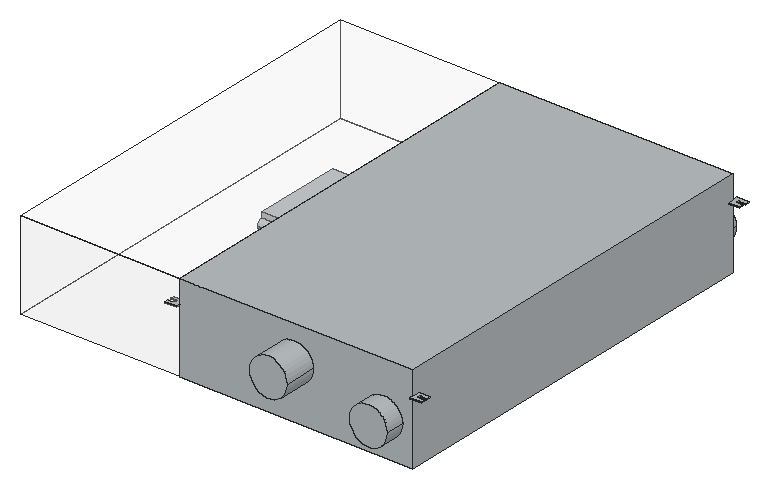
Revit family "lgh-n35_100rdf4(-dm)_50Hz", category 機械設備, Revit 2019
Family settings
  丸型コネクタ寸法 = 直径を使用
  パーツ タイプ = 標準
  OmniClass 番号 = 23.75.10.34.21
  OmniClass タイトル = Heat Exchangers for Ventilation Air
  作業面ベース = いいえ
  常に垂直 = はい
  ロード時にボイドで切り取り = いいえ
  共有 = いいえ
  部屋計算ポイント = はい
Parameters (values of type "LGH-N35RDF4-DM")
  騒音レベル(dB(A)) = 37
  風量 = MAX風量  # 350.0 m³/h
  面風速 = 5.5 m/s
  電源種別 [instance] = ""
  電圧 = 200 V
  電動機出力 = 0 W
  集中コントローラ = ""
  運転質量 = 0.00 kg
  連動 [instance] = ""
  質量 = if(製品質量 > 運転質量, 製品質量, 運転質量) * 1.2  # 73.20 kg
  負荷分類 = 3_ファン類
  説明 = "業務用ロスナイ 外気処理ユニット(天井埋込形加熱加湿付直膨タイプ)"
  設計風量 = 0.0 m³/h
  設置方法 = "天井吊(隠ぺい)形"
  記号 [instance] = ""
  製造元 = "三菱電機株式会社"
  製品質量 = 61.00 kg
  製品出荷対象 = "国内"
  製品リリース年月 = "2023/3/14"
  製品グループ = ""
  給水管_W = 446 mm
  給水管_H = 123 mm
  給水管_Depth = 29 mm
  系統 [instance] = ""
  符号 = "HEU"
  積算_科目 = "1 空気調和設備"
  積算_拾い区分 [instance] = ""
  相 = 1
  盤記号 [instance] = ""
  発停方法 [instance] = ""
  特殊仕様 [instance] = ""
  点検口高さ = -Height  # -331 mm
  点検口離隔 = 150 mm
  点検口2_Width = 点検口2_Depth  # 450 mm
  点検口1_Width = 点検口1_Depth  # 450 mm
  点検口2_Depth = 450 mm
  点検口1_Depth = 450 mm
  点検口1_Center = 444 mm
  点検口 = yes
  火災停止 [instance] = ""
  温度交換効率 = 70.50%
  消費電力_加湿器 = 0 W
  消費電力 = 235 W
  法定耐用年数 = "15"
  機外静圧_排気 = 235.0 Pa
  機外静圧 = 235.0 Pa
  極数 = 3
  材質 [instance] = ""
  本体マテリアル = 溶融亜鉛めっき鋼板
  有効加湿量 = 2.4
  操作・制御方式 = ""
  操作・制御スイッチ = ""
  排気量 = 0.0 m³/h
  形式_加湿器 = ""
  形式 = "天井埋込ダクト形"
  幹線記号 [instance] = ""
  対象室 [instance] = ""
  実風量 = 0.0 m³/h
  始動方式 [instance] = "直入"
  天吊金具_径 = 6.5 mm
  天吊金具_幅2 = 20 mm
  天吊金具_幅 = 20 mm
  天吊金具_D = 4 mm
  天吊金具_80_100 = not(天吊金具_35_50)  # no
  天吊金具_35_50 = yes
  外気量 = 0.0 m³/h
  呼称 = "全熱交換ユニット"
  周波数 = 50 Hz
  吊りボルトピッチ2 = 1493 mm
  吊りボルトピッチ1 = 922 mm
  吊りボルト_高さ = 85 mm
  参照している仕様書等のバージョン = "公共建築物標準仕様書（機械設備工事編）平成31年度版"
  加湿給水管径 = 23 mm
  初期抵抗 = 0.0 Pa
  分類コード = "50052504100070"
  分類グループ = ""
  冷媒液管径 = 6.35 mm
  冷媒液管_H = 114 mm
  冷媒液管_Depth = 105 mm
  冷媒ガス管径 = 12.7 mm
  冷媒ガス管_H = 169 mm
  価格 = 0
  企業コード = "108420"
  付属品_フィルター_還気 = ""
  付属品_フィルター = ""
  付属品 [instance] = ""
  仕様書バージョン = "Version1.0"
  モデル = "LGH-N35RDF4-DM"
  メンテナンススペース = yes
  ドレン管径 = 32 mm
  ドレン管_W = 460 mm
  ドレン管_H = 292 mm
  ドレン管_Depth = 64 mm
  コメント [instance] = ""
  Keynote = ""
  冷媒ガス管_Depth = 110 mm
  エンタルピ交換効率_暖房 = 70.00%
  エンタルピ交換効率_冷房 = 60.00%
  Assembly Code = ""
  Width = 874 mm
  Version = ""
  Uniclass2015Version = "Systems v1.9"
  Uniclass2015Title = "Thermal wheels"
  Uniclass2015Code = "Pr_60_60_36_88"
  URL = "https://www.mitsubishielectric.co.jp/ldg/wink/qr/002/324135/"
  SpecificationReference = ""
  SpecificationDescription = ""
  SAサイズ_D = 142 mm
  Revision = ""
  冷媒液管_W = 358 mm
  冷媒ガス管_W = 306 mm
  RAサイズ_D = 142 mm
  ProductInformation = ""
  OmniClassCode = "23-27 23 19 11"
  OAダクト接続口方向_通常 = yes
  OAダクト接続口方向_変更 = not(OAダクト接続口方向_通常)  # no
  OAサイズ_D = 142 mm
  MIN風量 = 154.0 m³/h
  MIN静圧 = 45.0 Pa
  MID風量 = 252.0 m³/h
  MID静圧 = 122.0 Pa
  MAX風量 = 350.0 m³/h
  MAX静圧 = 235.0 Pa
  IfcTypeProduct = ""
  IfcProduct = ""
  IfcExportType = "ROTARYWHEEL"
  IfcExportAs = "IfcAirToAirHeatRecoveryType"
  Height = 331 mm
  EAダクト接続口方向_通常 = yes
  EAダクト接続口方向_変更 = not(EAダクト接続口方向_通常)  # no
  EAサイズ_D = 142 mm
  Duct_Width_SA = 428 mm
  Duct_Pitch_SA_RA = 335 mm
  Duct_Pitch_OA_EA = 650 mm
  Duct_Height_SA = 203 mm
  Duct_Height_RA = 136 mm
  Duct_Height = 111 mm
  Duct_Depth_SA = 120 mm
  Duct_Depth_RA = 70 mm
  Duct_Depth_OA_EA = 64 mm
  Duct_Change_Center = 124 mm
  Depth = 1501 mm
  Clearance Top = 0 mm
  Clearance Left = 600 mm
  Clearance Bottom = 0 mm
  Box_Depth = 116 mm
  Box_Height = 260 mm
  Box_H = 23 mm
  Box_Width = 334 mm
  Box_W = 528 mm
  Author = "三菱電機株式会社"
Types (7, lengths in mm): name | 騒音レベル(dB(A)) | 風量 | 面風速 | 質量 | 製品質量 | 給水管_W | 給水管_H | 点検口高さ | 点検口2_Width | 点検口1_Width | 点検口2_Depth | 点検口1_Depth | 点検口1_Center | 温度交換効率 | 消費電力 | 機外静圧_排気 | 機外静圧 | 有効加湿量 | 天吊金具_径 | 天吊金具_幅2 | 天吊金具_幅 | 天吊金具_D | 天吊金具_80_100 | 天吊金具_35_50 | 吊りボルトピッチ2 | 吊りボルトピッチ1 | 吊りボルト_高さ | 冷媒液管径 | 冷媒液管_H | 冷媒液管_Depth | 冷媒ガス管径 | 冷媒ガス管_H | モデル | ドレン管_W | ドレン管_H | ドレン管_Depth | 冷媒ガス管_Depth | エンタルピ交換効率_暖房 | エンタルピ交換効率_冷房 | Width | URL | SAサイズ_D | 冷媒液管_W | 冷媒ガス管_W | RAサイズ_D | OAサイズ_D | MIN風量 | MIN静圧 | MID風量 | MID静圧 | MAX風量 | MAX静圧 | Height | EAサイズ_D | Duct_Width_SA | Duct_Pitch_SA_RA | Duct_Pitch_OA_EA | Duct_Height_SA | Duct_Height_RA | Duct_Height | Duct_Depth_SA | Duct_Depth_RA | Duct_Depth_OA_EA | Duct_Change_Center | Depth | Clearance Left | Box_H | Box_W
  LGH-N35RDF4-DM | 37 | 350.0 m³/h | 5.5 m/s | 73.20 kg | 61.00 kg | 446 | 123 | -331 | 450 | 450 | 450 | 450 | 444 | 70.50% | 235 W | 235.0 Pa | 235.0 Pa | 2.4 | 6.5 | 20 | 20 | 4 | no | yes | 1493 | 922 | 85 | 6.35 | 114 | 105 | 12.7 | 169 | "LGH-N35RDF4-DM" | 460 | 292 | 64 | 110 | 70.00% | 60.00% | 874 | "https://www.mitsubishielectric.co.jp/ldg/wink/qr/002/324135/" | 142 | 358 | 306 | 142 | 142 | 154.0 m³/h | 45.0 Pa | 252.0 m³/h | 122.0 Pa | 350.0 m³/h | 235.0 Pa | 331 | 142 | 428 | 335 | 650 | 203 | 136 | 111 | 120 | 70 | 64 | 124 | 1501 | 600 | 23 | 528
  LGH-N50RDF4 | 37.5 | 500.0 m³/h | 4.4 m/s | 76.80 kg | 64.00 kg | 446 | 123 | -331 | 450 | 450 | 450 | 450 | 444 | 74.00% | 300 W | 250.0 Pa | 250.0 Pa | 3.2 | 6.5 | 20 | 20 | 4 | no | yes | 1493 | 1064 | 85 | 6.35 | 114 | 105 | 12.7 | 169 | "LGH-N50RDF4" | 436 | 30 | 29 | 110 | 73.00% | 64.50% | 1016 | "https://www.mitsubishielectric.co.jp/ldg/wink/qr/002/324137/" | 192 | 358 | 306 | 192 | 192 | 220.0 m³/h | 48.0 Pa | 360.0 m³/h | 130.0 Pa | 500.0 m³/h | 250.0 Pa | 331 | 192 | 428 | 446 | 745 | 203 | 136 | 136 | 85 | 85 | 79 | 124 | 1501 | 600 | 23 | 528
  LGH-N50RDF4-DM | 37.5 | 500.0 m³/h | 4.4 m/s | 76.80 kg | 64.00 kg | 446 | 123 | -331 | 450 | 450 | 450 | 450 | 444 | 74.00% | 300 W | 250.0 Pa | 250.0 Pa | 3.2 | 6.5 | 20 | 20 | 4 | no | yes | 1493 | 1064 | 85 | 6.35 | 114 | 105 | 12.7 | 169 | "LGH-N50RDF4-DM" | 460 | 292 | 64 | 110 | 73.00% | 64.50% | 1016 | "https://www.mitsubishielectric.co.jp/ldg/wink/qr/002/324146/" | 192 | 358 | 306 | 192 | 192 | 220.0 m³/h | 48.0 Pa | 360.0 m³/h | 130.0 Pa | 500.0 m³/h | 250.0 Pa | 331 | 192 | 428 | 446 | 745 | 203 | 136 | 136 | 85 | 85 | 79 | 124 | 1501 | 600 | 23 | 528
  LGH-N80RDF4 | 37 | 800.0 m³/h | 4.5 m/s | 116.40 kg | 97.00 kg | 445 | 146 | -404 | 600 | 600 | 600 | 600 | 572 | 75.00% | 465 W | 240.0 Pa | 240.0 Pa | 4.8 | 7.5 | 30 | 16 | 45.2 | yes | no | 1418 | 1271 | 401 | 6.35 | 138 | 105 | 12.7 | 193 | "LGH-N80RDF4" | 421 | 29 | 29 | 110 | 72.50% | 63.50% | 1231 | "https://www.mitsubishielectric.co.jp/ldg/wink/qr/002/324141/" | 242 | 357 | 305 | 242 | 242 | 352.0 m³/h | 46.0 Pa | 576.0 m³/h | 124.0 Pa | 800.0 m³/h | 240.0 Pa | 404 | 242 | 323 | 735 | 917 | 241 | 199 | 162 | 85 | 85 | 79 | 165 | 1765 | 800 | 83 | 557
  LGH-N80RDF4-DM | 37 | 800.0 m³/h | 4.5 m/s | 116.40 kg | 97.00 kg | 445 | 146 | -404 | 600 | 600 | 600 | 600 | 572 | 75.00% | 465 W | 240.0 Pa | 240.0 Pa | 4.8 | 7.5 | 30 | 16 | 45.2 | yes | no | 1418 | 1271 | 401 | 6.35 | 138 | 105 | 12.7 | 193 | "LGH-N80RDF4-DM" | 459 | 292 | 64 | 110 | 72.50% | 63.50% | 1231 | "https://www.mitsubishielectric.co.jp/ldg/wink/qr/002/324143/" | 242 | 357 | 305 | 242 | 242 | 352.0 m³/h | 46.0 Pa | 576.0 m³/h | 124.0 Pa | 800.0 m³/h | 240.0 Pa | 404 | 242 | 323 | 735 | 917 | 241 | 199 | 162 | 85 | 85 | 79 | 165 | 1765 | 800 | 83 | 557
  LGH-N100RDF4 | 39.5 | 1000.0 m³/h | 5.7 m/s | 117.60 kg | 98.00 kg | 445 | 146 | -404 | 600 | 600 | 600 | 600 | 572 | 71.00% | 655 W | 235.0 Pa | 235.0 Pa | 6.4 | 7.5 | 30 | 16 | 45.2 | yes | no | 1418 | 1271 | 401 | 9.52 | 138 | 110 | 15.88 | 193 | "LGH-N100RDF4" | 421 | 29 | 29 | 115 | 71.00% | 62.50% | 1231 | "https://www.mitsubishielectric.co.jp/ldg/wink/qr/002/324145/" | 242 | 357 | 305 | 242 | 242 | 440.0 m³/h | 45.0 Pa | 720.0 m³/h | 122.0 Pa | 1000.0 m³/h | 235.0 Pa | 404 | 242 | 323 | 735 | 917 | 241 | 199 | 162 | 85 | 85 | 79 | 165 | 1765 | 800 | 83 | 557
  LGH-N100RDF4-DM | 39.5 | 1000.0 m³/h | 5.7 m/s | 117.60 kg | 98.00 kg | 445 | 146 | -404 | 600 | 600 | 600 | 600 | 572 | 71.00% | 655 W | 235.0 Pa | 235.0 Pa | 6.4 | 7.5 | 30 | 16 | 45.2 | yes | no | 1418 | 1271 | 401 | 9.52 | 138 | 110 | 15.88 | 193 | "LGH-N100RDF4-DM" | 459 | 292 | 64 | 115 | 71.00% | 62.50% | 1231 | "https://www.mitsubishielectric.co.jp/ldg/wink/qr/002/324133/" | 242 | 357 | 305 | 242 | 242 | 440.0 m³/h | 45.0 Pa | 720.0 m³/h | 122.0 Pa | 1000.0 m³/h | 235.0 Pa | 404 | 242 | 323 | 735 | 917 | 241 | 199 | 162 | 85 | 85 | 79 | 165 | 1765 | 800 | 83 | 557
Reference planes
  plane 1 "中心(正面/背面)": y = 0
  plane 2: z = 0
  plane 3 "中心(左/右)": x = 0
  plane 4: x = -437
  plane 5: x = 437
  plane 6: y = 750.5
  plane 7: y = -750.5
  plane 8: z = -331
  plane 9: z = -220
  plane 10: z = -128
  plane 11: x = 326
  plane 12: x = -9
  plane 13: y = -870.5
  plane 14: y = 814.5
  plane 15: x = -325
  plane 16: x = 325
  plane 17: y = -222.5
  plane 18: z = -48
  plane 19: y = 111.5
  plane 20: z = -308
  plane 21: x = -553
  plane 22: y = -444.5
  plane 23: y = -392.5
  plane 24: y = -290.5
  plane 25: y = -304.5
  plane 26: z = -162
  plane 27: z = -217
  plane 28: z = -39
  plane 29: z = -208
  plane 30: x = -547
  plane 31: x = -466
  plane 32: x = -501
  plane 33: x = -542
  plane 34: y = 626.5
  plane 35: x = -557
  plane 36: x = 557
  plane 37: x = -1037
  plane 38: z = 0
  plane 39: y = -300.5
  plane 40: x = -587
  plane 41: y = 531.5
  plane 42: x = -461
  plane 43: x = 461
  plane 44: y = -746.5
  plane 45: y = 746.5
  plane 46: y = 306.5
  plane 47: y = 81.5
  plane 48: x = -481
  plane 49: x = 481
  plane 50: y = 726.5
  plane 51: y = 766.5
  plane 52: z = -85
  plane 53: z = -88
  plane 54: y = -726.5
  plane 55: y = -766.5
  plane 56: z = -331
  plane 57: z = -195
  plane 58: y = -820.5
  plane 59: y = -710.5
  plane 60: y = -782.5
  plane 61: y = 710.5
  plane 62: y = 782.5
Forms (mm)
  Extrusion 1, solid, material "溶融亜鉛めっき鋼板" <- "本体マテリアル", detail levels fine
    sketch origin (0, 0, 0) x (1, 0, 0) y (0, 1, 0)
      loop
        line (-437, 750.5) -> (-437, -750.5) -> (437, -750.5) -> (437, 750.5) -> (-437, 750.5)
    from 0 to -331
  Extrusion 2, solid, material "溶融亜鉛めっき鋼板" <- "本体マテリアル", detail levels fine
    sketch origin (0, 0, 0) x (1, 0, 0) y (0, 0, 1)
      loop
        circle (-9, -128) r 71
    from 750.5 to 870.5
  Extrusion 3, solid, material "溶融亜鉛めっき鋼板" <- "本体マテリアル", visible <- "OAダクト接続口方向_通常", detail levels fine
    sketch origin (0, 0, 0) x (1, 0, 0) y (0, 0, 1)
      loop
        circle (-325, -220) r 71
    from -814.5 to -750.5
  Extrusion 4, solid, material "溶融亜鉛めっき鋼板" <- "本体マテリアル", visible <- "EAダクト接続口方向_通常", detail levels fine
    sketch origin (0, 0, 0) x (1, 0, 0) y (0, 0, 1)
      loop
        circle (325, -220) r 71
    from -814.5 to -750.5
  Extrusion 5, solid, material "溶融亜鉛めっき鋼板" <- "本体マテリアル", detail levels fine
    sketch origin (0, 0, 0) x (0, 1, 0) y (0, 0, 1)
      loop
        line (-222.5, -48) -> (-222.5, -308) -> (111.5, -308) -> (111.5, -48) -> (-222.5, -48)
    from -553 to -437
  Extrusion 6, solid, material "溶融亜鉛めっき鋼板" <- "本体マテリアル", detail levels fine
    sketch origin (0, 0, 0) x (0, 1, 0) y (0, 0, 1)
      loop
        circle (-444.5, -162) r 6.35
    from -547 to -437
  Extrusion 7, solid, material "溶融亜鉛めっき鋼板" <- "本体マテリアル", detail levels fine
    sketch origin (0, 0, 0) x (0, 1, 0) y (0, 0, 1)
      loop
        circle (-392.5, -217) r 3.175
    from -542 to -437
  Extrusion 8, solid, material "溶融亜鉛めっき鋼板" <- "本体マテリアル", detail levels fine
    sketch origin (0, 0, 0) x (0, 1, 0) y (0, 0, 1)
      loop
        circle (-290.5, -39) r 16
    from -501 to -437
  Extrusion 9, solid, material "溶融亜鉛めっき鋼板" <- "本体マテリアル", detail levels fine
    sketch origin (0, 0, 0) x (0, 1, 0) y (0, 0, 1)
      loop
        circle (-304.5, -208) r 11.5
    from -466 to -437
  Extrusion 10, solid, material "溶融亜鉛めっき鋼板" <- "本体マテリアル", visible <- "OAダクト接続口方向_変更", detail levels fine
    sketch origin (0, 0, 0) x (0, 1, 0) y (0, 0, 1)
      loop
        circle (626.5, -220) r 71
    from -557 to -437
  Extrusion 11, solid, material "溶融亜鉛めっき鋼板" <- "本体マテリアル", visible <- "EAダクト接続口方向_変更", detail levels fine
    sketch origin (0, 0, 0) x (0, 1, 0) y (0, 0, 1)
      loop
        circle (626.5, -220) r 71
    from 437 to 557
  Extrusion 12, solid, material "溶融亜鉛めっき鋼板" <- "本体マテリアル", visible <- "天吊金具_35_50", detail levels fine
    sketch origin (0, 0, 0) x (1, 0, 0) y (0, 1, 0)
      loop
        line (-437, 766.5) -> (-481, 766.5) -> (-481, 753) -> (-461, 753)
        arc (-461, 753) -> (-454.5, 746.5) -> (-461, 740) r 6.5
        line (-461, 740) -> (-481, 740) -> (-481, 726.5) -> (-437, 726.5) -> (-437, 766.5)
    from -85 to -88
  Extrusion 13, solid, material "溶融亜鉛めっき鋼板" <- "本体マテリアル", visible <- "天吊金具_35_50", detail levels fine
    sketch origin (0, 0, 0) x (-1, 0, 0) y (0, -1, 0)
      loop
        line (-437, -766.5) -> (-437, -726.5) -> (-481, -726.5) -> (-481, -740) -> (-461, -740)
        arc (-461, -740) -> (-454.5, -746.5) -> (-461, -753) r 6.5
        line (-461, -753) -> (-481, -753) -> (-481, -766.5) -> (-437, -766.5)
    from -85 to -88
  Extrusion 14, solid, material "溶融亜鉛めっき鋼板" <- "本体マテリアル", visible <- "天吊金具_35_50", detail levels fine
    sketch origin (0, 0, 0) x (-1, 0, 0) y (0, -1, 0)
      loop
        line (-437, 766.5) -> (-481, 766.5) -> (-481, 753) -> (-461, 753)
        arc (-461, 753) -> (-454.5, 746.5) -> (-461, 740) r 6.5
        line (-461, 740) -> (-481, 740) -> (-481, 726.5) -> (-437, 726.5) -> (-437, 766.5)
    from -85 to -88
  Extrusion 15, solid, material "溶融亜鉛めっき鋼板" <- "本体マテリアル", visible <- "天吊金具_35_50", detail levels fine
    sketch origin (0, 0, 0) x (1, 0, 0) y (0, 1, 0)
      loop
        line (-437, -766.5) -> (-437, -726.5) -> (-481, -726.5) -> (-481, -740) -> (-461, -740)
        arc (-461, -740) -> (-454.5, -746.5) -> (-461, -753) r 6.5
        line (-461, -753) -> (-481, -753) -> (-481, -766.5) -> (-437, -766.5)
    from -85 to -88
  Extrusion 16, solid, material "溶融亜鉛めっき鋼板" <- "本体マテリアル", detail levels fine
    sketch origin (0, 0, 0) x (1, 0, 0) y (0, 0, 1)
      loop
        circle (326, -195) r 71
    from 750.5 to 820.5
  Extrusion 17, solid, material "溶融亜鉛めっき鋼板" <- "本体マテリアル", visible <- "天吊金具_80_100", detail levels fine
    sketch origin (0, 0, 0) x (1, 0, 0) y (0, 1, 0)
      loop
        line (437, -710.5) -> (437, -782.5) -> (481, -782.5) -> (481, -710.5) -> (437, -710.5)
      loop
        arc (467.5, -740) -> (461, -733.5) -> (454.5, -740) r 6.5
        line (454.5, -740) -> (454.5, -754)
        arc (454.5, -754) -> (461, -760.5) -> (467.5, -754) r 6.5
        line (467.5, -754) -> (467.5, -740)
    from -88 to -85
  Extrusion 18, solid, material "溶融亜鉛めっき鋼板" <- "本体マテリアル", visible <- "天吊金具_80_100", detail levels fine
    sketch origin (0, -258.312, 0) x (1, 0, 0) y (0, 1, 0)
      loop
        line (437, 968.812) -> (481, 968.812) -> (481, 1040.812) -> (437, 1040.812) -> (437, 968.812)
      loop
        line (454.5, 1012.312) -> (454.5, 997.312)
        arc (454.5, 997.312) -> (461, 990.812) -> (467.5, 997.312) r 6.5
        line (467.5, 997.312) -> (467.5, 1012.312)
        arc (467.5, 1012.312) -> (461, 1018.812) -> (454.5, 1012.312) r 6.5
    from -88 to -85
  Extrusion 19, solid, material "溶融亜鉛めっき鋼板" <- "本体マテリアル", visible <- "天吊金具_80_100", detail levels fine
    sketch origin (0, 0, 0) x (-1, 0, 0) y (0, -1, 0)
      loop
        line (437, 710.5) -> (481, 710.5) -> (481, 782.5) -> (437, 782.5) -> (437, 710.5)
      loop
        line (467.5, 739) -> (467.5, 754)
        arc (467.5, 754) -> (461, 760.5) -> (454.5, 754) r 6.5
        line (454.5, 754) -> (454.5, 739)
        arc (454.5, 739) -> (461, 732.5) -> (467.5, 739) r 6.5
    from -88 to -85
  Extrusion 20, solid, material "溶融亜鉛めっき鋼板" <- "本体マテリアル", visible <- "天吊金具_80_100", detail levels fine
    sketch origin (0, -258.312, 0) x (-1, 0, 0) y (0, -1, 0)
      loop
        line (437, -968.812) -> (437, -1040.812) -> (481, -1040.812) -> (481, -968.812) -> (437, -968.812)
      loop
        line (467.5, -1012.312) -> (467.5, -997.312)
        arc (467.5, -997.312) -> (461, -990.812) -> (454.5, -997.312) r 6.5
        line (454.5, -997.312) -> (454.5, -1012.312)
        arc (454.5, -1012.312) -> (461, -1018.812) -> (467.5, -1012.312) r 6.5
    from -88 to -85
Lines and regions (mm)
  Masking region 1, detail levels coarse+medium
    outline origin (0, 0, 0) x (1, 0, 0) y (0, 1, 0)
      loop
        line (-437, 750.5) -> (-437, -750.5) -> (437, -750.5) -> (437, 750.5) -> (-437, 750.5)
  symbolic lines, detail levels coarse+medium
    curve 1: line (-1.977, 747.977, 0) -> (-437, 0, 0)
    curve 2: line (-437, 0, 0) -> (1.977, -747.977, 0)
    curve 3: line (1.977, -747.977, 0) -> (437, 0, 0)
    curve 4: line (437, 0, 0) -> (-1.977, 747.977, 0)
Dimensions and locks
  equal spacing: plane 4, plane 3 "中心(左/右)", plane 5
  "Width": plane 4 to plane 5
  equal spacing: plane 6, plane 1 "中心(正面/背面)", plane 7
  "Depth": plane 6 to plane 7
  "Height": level to plane 8
  "Duct_Height": plane 9 to plane 8
  "Duct_Height_SA": plane 10 to plane 8
  "Duct_Pitch_SA_RA": plane 11 to plane 12
  "Duct_Depth_SA": plane 7 to plane 13
  "Duct_Depth_OA_EA": plane 6 to plane 14
  equal spacing: plane 15, plane 3 "中心(左/右)", plane 16
  "Duct_Pitch_OA_EA": plane 15 to plane 16
  "Box_W": plane 17 to plane 7
  "Box_Width": plane 19 to plane 17
  "Box_Height": plane 18 to plane 20
  "Box_Depth": plane 21 to plane 4
  "冷媒ガス管_W": plane 22 to plane 7
  "ドレン管_W": plane 24 to plane 7
  "給水管_W": plane 25 to plane 7
  "冷媒ガス管_H": plane 26 to plane 8
  "Box_H": plane 20 to plane 8
  "ドレン管_H": plane 8 to plane 28
  "給水管_H": plane 8 to plane 29
  "冷媒ガス管_Depth": plane 30 to plane 4
  "給水管_Depth": plane 31 to plane 4
  "ドレン管_Depth": plane 32 to plane 4
  "冷媒液管_Depth": plane 33 to plane 4
  "Duct_Change_Center": plane 6 to plane 34
  "Duct_Depth_SA": plane 35 to plane 4
  "Duct_Depth_SA": plane 5 to plane 36
  "Clearance Left": plane 37 to plane 4
  nested 1 to plane 4 = 0 mm
  "Clearance Top": level to plane 38
  "点検口2_Depth": plane 39 to plane 7
  "点検口離隔": plane 40 to plane 4
  equal spacing: plane 42, plane 3 "中心(左/右)", plane 43
  "吊りボルトピッチ1": plane 42 to plane 43
  "吊りボルトピッチ2": plane 45 to plane 44
  "点検口1_Center": plane 6 to plane 46
  equal spacing: plane 47, plane 46, plane 41
  "点検口1_Depth": plane 41 to plane 47
  "天吊金具_幅": plane 48 to plane 42
  "天吊金具_幅": plane 43 to plane 49
  locked: plane 51 to plane 50 at 40
  equal spacing: plane 51, plane 45, plane 50
  "吊りボルト_高さ": level to plane 52
  locked: plane 52 to plane 53 at 3
  locked: plane 55 to plane 54 at 40
  equal spacing: plane 55, plane 44, plane 54
  "冷媒液管_W": plane 23 to plane 7
  "Clearance Bottom": plane 8 to plane 56
  "冷媒液管_H": plane 8 to plane 27
  "Duct_Height_RA": plane 57 to plane 8
  "Duct_Depth_RA": plane 58 to plane 7
  "Duct_Width_SA": plane 12 to plane 4
  "天吊金具_D": plane 44 to plane 7
  equal spacing: plane 59, plane 44, plane 60, locked at 36 each
  locked: plane 60 to plane 59 at 72
  locked: plane 62 to plane 61 at 72
  equal spacing: plane 62, plane 45, plane 61
  "SAサイズ_D": diameter of Extrusion 2 sketch curve
  "OAサイズ_D": diameter of Extrusion 3 sketch curve
  "EAサイズ_D": diameter of Extrusion 4 sketch curve
  "冷媒ガス管径": diameter of Extrusion 6 sketch curve
  "冷媒液管径": diameter of Extrusion 7 sketch curve
  "ドレン管径": diameter of Extrusion 8 sketch curve
  "加湿給水管径": diameter of Extrusion 9 sketch curve
  "OAサイズ_D": diameter of Extrusion 10 sketch curve
  "EAサイズ_D": diameter of Extrusion 11 sketch curve
  "天吊金具_径": radius of Extrusion 12 sketch curve
  "天吊金具_径": radius of Extrusion 13 sketch curve
  "天吊金具_径": radius of Extrusion 14 sketch curve
  "天吊金具_径": radius of Extrusion 15 sketch curve
  "RAサイズ_D": diameter of Extrusion 16 sketch curve
  "天吊金具_径": radius of Extrusion 18 sketch curve  (x2)
  "天吊金具_径": radius of Extrusion 19 sketch curve  (x2)
  "天吊金具_径": radius of Extrusion 20 sketch curve  (x2)
  "天吊金具_径": radius of Extrusion 17 sketch curve  (x2)
  aligned and locked: level to plane 2
  aligned and locked: Masking region 1 to plane 7
  aligned and locked: Masking region 1 to plane 4
  aligned and locked: plane 6 to Masking region 1
  aligned and locked: plane 5 to Masking region 1
  aligned and locked: Extrusion 1 to plane 8
  aligned and locked: plane 7 to Extrusion 2
  aligned and locked: Extrusion 4 to plane 14
  aligned and locked: Extrusion 3 to plane 14
  aligned and locked: Extrusion 3 to plane 6
  aligned and locked: Extrusion 4 to plane 6
  aligned and locked: Extrusion 5 to plane 21
  aligned and locked: Extrusion 5 to plane 20
  aligned and locked: plane 17 to Extrusion 5
  aligned and locked: Extrusion 5 to plane 19
  aligned and locked: plane 18 to Extrusion 5
  aligned and locked: Extrusion 6 to plane 30
  aligned and locked: plane 4 to Extrusion 6
  aligned and locked: plane 4 to Extrusion 9
  aligned and locked: Extrusion 9 to plane 31
  aligned and locked: Extrusion 8 to plane 32
  aligned and locked: plane 4 to Extrusion 8
  aligned and locked: Extrusion 7 to plane 33
  aligned and locked: plane 4 to Extrusion 7
  aligned and locked: Extrusion 10 to plane 35
  aligned and locked: plane 4 to Extrusion 10
  aligned and locked: plane 36 to Extrusion 11
  aligned and locked: Extrusion 11 to plane 5
  aligned and locked: plane 4 to nested 1
  aligned and locked: plane 37 to nested 1
  aligned and locked: nested 1 to plane 6
  aligned and locked: nested 1 to plane 7
  aligned and locked: plane 43 to nested 2
  aligned and locked: plane 45 to nested 2
  aligned and locked: nested 2 to plane 44
  aligned and locked: plane 42 to nested 2
  aligned and locked: plane 40 to nested 3
  aligned and locked: nested 3 to plane 41
  aligned and locked: plane 40 to nested 4
  aligned and locked: plane 7 to nested 4
  aligned and locked: plane 39 to nested 4
  aligned and locked: plane 47 to nested 3
  aligned and locked: Extrusion 12 to plane 48  (x2)
  aligned and locked: Extrusion 12 to plane 51
  aligned and locked: Extrusion 12 to plane 50
  aligned and locked: Extrusion 12 to Masking region 1
  aligned and locked: Extrusion 12 to plane 52
  aligned and locked: Extrusion 12 to plane 53
  aligned and locked: Extrusion 13 to plane 49  (x2)
  aligned and locked: Extrusion 13 to plane 51
  aligned and locked: Extrusion 13 to plane 50
  aligned and locked: Extrusion 13 to Masking region 1
  aligned and locked: Extrusion 14 to plane 55
  aligned and locked: Extrusion 14 to plane 54
  aligned and locked: Extrusion 15 to plane 55
  aligned and locked: Extrusion 15 to plane 48  (x2)
  aligned and locked: Extrusion 15 to plane 54
  aligned and locked: Extrusion 15 to Masking region 1
  aligned and locked: Extrusion 15 to Extrusion 12  (x2)
  aligned and locked: Extrusion 14 to plane 53
  aligned and locked: plane 52 to Extrusion 14
  aligned and locked: plane 52 to Extrusion 13
  aligned and locked: Extrusion 13 to plane 53
  aligned and locked: Extrusion 5 to Masking region 1
  aligned and locked: Extrusion 2 to plane 13
  aligned and locked: Extrusion 16 to Masking region 1
  aligned and locked: plane 38 to nested 1
  aligned and locked: plane 56 to nested 1
  aligned and locked: plane 58 to Extrusion 16
  aligned and locked: Extrusion 17 sketch curve to plane 59
  aligned and locked: Extrusion 17 sketch curve to plane 49
  aligned and locked: Extrusion 17 sketch curve to plane 60
  aligned and locked: Extrusion 17 sketch curve to plane 5
  aligned and locked: plane 52 to Extrusion 17
  aligned and locked: Extrusion 17 to plane 53
  aligned and locked: plane 61 to Extrusion 18 sketch curve
  aligned and locked: plane 62 to Extrusion 18 sketch curve
  aligned and locked: plane 49 to Extrusion 18 sketch curve
  aligned and locked: plane 5 to Extrusion 18 sketch curve
  aligned and locked: plane 52 to Extrusion 18
  aligned and locked: Extrusion 18 to plane 53
  aligned and locked: Extrusion 19 to plane 59
  aligned and locked: Extrusion 19 to plane 48
  aligned and locked: plane 4 to Extrusion 19
  aligned and locked: Extrusion 19 to plane 60
  aligned and locked: Extrusion 20 to plane 62
  aligned and locked: plane 4 to Extrusion 20
  aligned and locked: Extrusion 20 to plane 61
  aligned and locked: Extrusion 20 to plane 48
  aligned and locked: plane 52 to Extrusion 19
  aligned and locked: Extrusion 19 to plane 53
  aligned and locked: plane 52 to Extrusion 20
  aligned and locked: Extrusion 20 to plane 53
  aligned and locked: Extrusion 14 to Extrusion 17 sketch curve
Automatic sketch dimensions
  plane 1 "中心(正面/背面)" to curve 1 = 0 mm
  curve 1 to plane 4 = 0 mm
  plane 1 "中心(正面/背面)" to curve 4 = 0 mm
  curve 4 to plane 5 = 0 mm
  curve 4 to plane 3 "中心(左/右)" = 1.977 mm
  plane 3 "中心(左/右)" to curve 3 = 1.977 mm
  plane 7 to curve 3 = 2.523 mm
  curve 4 to plane 6 = 2.523 mm
  Masking region 1 sketch curve to plane 4 = 0 mm
  Masking region 1 sketch curve to plane 5 = 0 mm
  Masking region 1 sketch curve to plane 7 = 0 mm
  Masking region 1 sketch curve to plane 6 = 0 mm
  Extrusion 1 sketch curve to plane 4 = 0 mm
  Extrusion 1 sketch curve to plane 5 = 0 mm
  Extrusion 1 sketch curve to plane 7 = 0 mm
  Extrusion 1 sketch curve to plane 6 = 0 mm
  Extrusion 2 sketch curve to plane 10 = 0 mm
  Extrusion 2 sketch curve to plane 12 = 0 mm
  Extrusion 3 sketch curve to plane 9 = 0 mm
  plane 15 to Extrusion 3 sketch curve = 0 mm
  Extrusion 4 sketch curve to plane 9 = 0 mm
  plane 16 to Extrusion 4 sketch curve = 0 mm
  Extrusion 5 sketch curve to plane 17 = 0 mm
  Extrusion 5 sketch curve to plane 19 = 0 mm
  Extrusion 5 sketch curve to plane 20 = 0 mm
  Extrusion 5 sketch curve to plane 18 = 0 mm
  Extrusion 6 sketch curve to plane 22 = 0 mm
  Extrusion 6 sketch curve to plane 26 = 0 mm
  Extrusion 7 sketch curve to plane 23 = 0 mm
  plane 27 to Extrusion 7 sketch curve = 0 mm
  Extrusion 8 sketch curve to plane 24 = 0 mm
  plane 28 to Extrusion 8 sketch curve = 0 mm
  Extrusion 9 sketch curve to plane 25 = 0 mm
  plane 29 to Extrusion 9 sketch curve = 0 mm
  Extrusion 10 sketch curve to plane 9 = 0 mm
  Extrusion 10 sketch curve to plane 34 = 0 mm
  Extrusion 11 sketch curve to plane 9 = 0 mm
  Extrusion 11 sketch curve to plane 34 = 0 mm
  Extrusion 12 sketch curve to plane 48 = 0 mm  (x2)
  Extrusion 12 sketch curve to plane 42 = 0 mm
  Extrusion 12 sketch curve to plane 4 = 0 mm
  Extrusion 12 sketch curve to plane 50 = 0 mm
  Extrusion 12 sketch curve to plane 45 = 0 mm
  plane 51 to Extrusion 12 sketch curve = 0 mm
  Extrusion 13 sketch curve to plane 49 = 0 mm  (x2)
  Extrusion 13 sketch curve to plane 43 = 0 mm
  Extrusion 13 sketch curve to plane 5 = 0 mm
  Extrusion 13 sketch curve to plane 50 = 0 mm
  Extrusion 13 sketch curve to plane 45 = 0 mm
  plane 51 to Extrusion 13 sketch curve = 0 mm
  Extrusion 14 sketch curve to plane 49 = 0 mm  (x2)
  Extrusion 14 sketch curve to plane 43 = 0 mm
  Extrusion 14 sketch curve to plane 5 = 0 mm
  plane 54 to Extrusion 14 sketch curve = 0 mm
  Extrusion 14 sketch curve to plane 44 = 0 mm
  Extrusion 14 sketch curve to plane 55 = 0 mm
  Extrusion 15 sketch curve to plane 48 = 0 mm  (x2)
  Extrusion 15 sketch curve to plane 42 = 0 mm
  Extrusion 15 sketch curve to plane 4 = 0 mm
  plane 54 to Extrusion 15 sketch curve = 0 mm
  Extrusion 15 sketch curve to plane 44 = 0 mm
  Extrusion 15 sketch curve to plane 55 = 0 mm
  Extrusion 16 sketch curve to plane 11 = 0 mm
  Extrusion 16 sketch curve to plane 57 = 0 mm
  Extrusion 18 sketch curve to plane 43 = 0 mm
  Extrusion 18 sketch curve to plane 45 = 7.5 mm
  plane 45 to Extrusion 18 sketch curve = 7.5 mm
  Extrusion 19 sketch curve to plane 4 = 0 mm
  Extrusion 19 sketch curve to plane 42 = 0 mm
  Extrusion 19 sketch curve to plane 48 = 0 mm
  Extrusion 19 sketch curve to plane 60 = 0 mm
  plane 59 to Extrusion 19 sketch curve = 0 mm
  plane 44 to Extrusion 19 sketch curve = 7.5 mm
  Extrusion 19 sketch curve to plane 44 = 7.5 mm
  Extrusion 20 sketch curve to plane 4 = 0 mm
  Extrusion 20 sketch curve to plane 42 = 0 mm
  Extrusion 20 sketch curve to plane 48 = 0 mm
  plane 62 to Extrusion 20 sketch curve = 0 mm
  Extrusion 20 sketch curve to plane 61 = 0 mm
  plane 45 to Extrusion 20 sketch curve = 7.5 mm
  Extrusion 20 sketch curve to plane 45 = 7.5 mm
  Extrusion 17 sketch curve to plane 43 = 0 mm
  Extrusion 17 sketch curve to plane 44 = 7.5 mm
Nested families
  nested 1: "メンテナンススペース" at (-737, 0, -165.5), visible <- "メンテナンススペース", type "メンテナンススペース"
    with Width 600 mm, Height 331 mm, Depth 1501 mm
  nested 2: "固定点" at (-461, -746.5, 0), type "固定点"
    with W 922 mm, D 1493 mm
  nested 3: "点検口設置範囲" at (-812, 306.5, -331), Width <- "点検口1_Width", built-in parameter 1001364 <- "点検口高さ", visible <- "点検口", type "点検口設置範囲"
    with Width 450 mm, Depth 450 mm
  nested 4: "点検口設置範囲" at (-812, -525.5, -331), Width <- "点検口2_Width", built-in parameter 1001364 <- "点検口高さ", visible <- "点検口", type "点検口設置範囲"
    with Width 450 mm, Depth 450 mm
Connectors
  electrical at (-495, -222.5, -178), driven by "極数", driven by "負荷分類", driven by "電圧", driven by "消費電力"
    settings: on Extrusion 5, index 1, voltage 200 V, apparent load 235 VA, apparent load phase1 0 VA, apparent load phase2 0 VA, apparent load phase3 0 VA, power factor 1, load classification "3_ファン類", number of poles 3, system type 30, power factor state 1, is connector primary yes, connector utility no, sub classification motor no, connector description ""
  piping at (-547, -444.5, -162), diameter 12.7, driven by "冷媒ガス管径"
    settings: on Extrusion 6, index 2, connector inside diameter 609.6 mm, connector length 0 mm, flow factor 0, pipe flow 0.0 L/s, pressure drop 0.0 Pa, fitting loss kfactor 0, connector angle 0.00°, fixture units 0, engagement length 0 mm, angle of deflection 0.00°, flow configuration 0, flow direction 1, fitting loss method 0, system type 7, joint type 0, gender type 0, connector reference index -1, connector utility 0, adjustable connector no, is connector primary yes, connector description ""
  piping at (-466, -304.5, -208), diameter 23, driven by "加湿給水管径"
    settings: on Extrusion 9, index 3, connector inside diameter 609.6 mm, connector length 0 mm, flow factor 0, pipe flow 0.0 L/s, pressure drop 0.0 Pa, fitting loss kfactor 0, connector angle 0.00°, fixture units 0, engagement length 0 mm, angle of deflection 0.00°, flow configuration 0, flow direction 1, fitting loss method 0, system type 19, joint type 0, gender type 0, connector reference index -1, connector utility 0, adjustable connector no, is connector primary no, connector description ""
  piping at (-542, -392.5, -217), diameter 6.35, driven by "冷媒液管径"
    settings: on Extrusion 7, index 4, connector inside diameter 609.6 mm, connector length 0 mm, flow factor 0, pipe flow 0.0 L/s, pressure drop 0.0 Pa, fitting loss kfactor 0, connector angle 0.00°, fixture units 0, engagement length 0 mm, angle of deflection 0.00°, flow configuration 0, flow direction 1, fitting loss method 0, system type 7, joint type 0, gender type 0, connector reference index -1, connector utility 0, adjustable connector no, is connector primary no, connector description ""
  piping at (-501, -290.5, -39), diameter 32, driven by "ドレン管径"
    settings: on Extrusion 8, index 5, connector inside diameter 609.6 mm, connector length 0 mm, flow factor 0, pipe flow 0.0 L/s, pressure drop 0.0 Pa, fitting loss kfactor 0, connector angle 0.00°, fixture units 0, engagement length 0 mm, angle of deflection 0.00°, flow configuration 0, flow direction 2, fitting loss method 0, system type 16, joint type 0, gender type 0, connector reference index -1, connector utility 0, adjustable connector no, is connector primary no, connector description ""
  hvac at (-9, -870.5, -128), driven by "SAサイズ_D", driven by "MAX静圧", driven by "風量"
    settings: on Extrusion 2, index 6, duct flow 350.0 m³/h, flow factor 0, pres drop 235.0 Pa, loss coef 0, conn angle 0.00°, conn width 304.8 mm, conn height 304.8 mm, conn diameter 142 mm, duct sys type 1, conn prof type 0, flow config 1, flow direction 2, loss method 4, conn ref index -1, conn util no, is conn primary yes, conn desc ""
  hvac at (325, 814.5, -220), driven by "機外静圧_排気", driven by "排気量", driven by "EAサイズ_D"
    settings: on Extrusion 4, index 8, duct flow 0.0 m³/h, flow factor 0, pres drop 235.0 Pa, loss coef 0, conn angle 0.00°, conn width 304.8 mm, conn height 304.8 mm, conn diameter 142 mm, duct sys type 3, conn prof type 0, flow config 0, flow direction 2, loss method 4, conn ref index -1, conn util no, is conn primary no, conn desc ""
  hvac at (-325, 814.5, -220), driven by "機外静圧", driven by "外気量", driven by "OAサイズ_D"
    settings: on Extrusion 3, index 9, duct flow 0.0 m³/h, flow factor 0, pres drop 235.0 Pa, loss coef 0, conn angle 0.00°, conn width 304.8 mm, conn height 304.8 mm, conn diameter 142 mm, duct sys type 4, conn prof type 0, flow config 0, flow direction 1, loss method 4, conn ref index -1, conn util no, is conn primary no, conn desc ""
  hvac at (-557, 626.5, -220), driven by "OAサイズ_D", driven by "機外静圧", driven by "風量"
    settings: on Extrusion 10, index 10, duct flow 350.0 m³/h, flow factor 0, pres drop 235.0 Pa, loss coef 0, conn angle 0.00°, conn width 304.8 mm, conn height 304.8 mm, conn diameter 142 mm, duct sys type 3, conn prof type 0, flow config 0, flow direction 1, loss method 4, conn ref index -1, conn util no, is conn primary no, conn desc ""
  hvac at (557, 626.5, -220), driven by "EAサイズ_D", driven by "機外静圧_排気", driven by "排気量"
    settings: on Extrusion 11, index 11, duct flow 0.0 m³/h, flow factor 0, pres drop 235.0 Pa, loss coef 0, conn angle 0.00°, conn width 304.8 mm, conn height 304.8 mm, conn diameter 142 mm, duct sys type 3, conn prof type 0, flow config 0, flow direction 2, loss method 4, conn ref index -1, conn util no, is conn primary no, conn desc ""
  hvac at (326, -820.5, -195), driven by "RAサイズ_D", driven by "機外静圧", driven by "風量"
    settings: on Extrusion 16, index 12, duct flow 350.0 m³/h, flow factor 0, pres drop 235.0 Pa, loss coef 0, conn angle 0.00°, conn width 304.8 mm, conn height 304.8 mm, conn diameter 142 mm, duct sys type 2, conn prof type 0, flow config 0, flow direction 1, loss method 4, conn ref index -1, conn util no, is conn primary no, conn desc ""
Definition of nested family "メンテナンススペース"
  Parameters (values of type "メンテナンススペース")
    Width [instance] = 500 mm
    Height [instance] = 500 mm
    Depth [instance] = 500 mm
  Reference planes
    plane 1 "中心(正面/背面)": y = 0
    plane 2: z = 0
    plane 3 "中心(左/右)": x = 0
    plane 4: y = -250
    plane 5: x = 250
    plane 6: y = 250
    plane 7: x = -250
    plane 8: z = 250
    plane 9: z = -250
  Forms (mm)
    Extrusion 1, solid
      sketch origin (-638.939, 0, 72.39) x (1, 0, 0) y (0, 1, 0)
        loop
          line (388.939, 250) -> (388.939, -250) -> (888.939, -250) -> (888.939, 250) -> (388.939, 250)
      from -322.39 to 177.61
  Lines and regions (mm)
    symbolic lines
      curve 1: line (-250, 0, 250) -> (250, 0, 250)
      curve 2: line (-250, 0, -250) -> (-250, 0, 250)
      curve 3: line (250, 0, -250) -> (-250, 0, -250)
      curve 4: line (250, 0, 250) -> (250, 0, -250)
      curve 5: line (0, -250, 250) -> (0, 250, 250)
      curve 6: line (0, -250, -250) -> (0, -250, 250)
      curve 7: line (0, 250, -250) -> (0, -250, -250)
      curve 8: line (0, 250, 250) -> (0, 250, -250)
      curve 9: line (-250, 250, 0) -> (250, 250, 0)
      curve 10: line (-250, -250, 0) -> (-250, 250, 0)
      curve 11: line (250, -250, 0) -> (-250, -250, 0)
      curve 12: line (250, 250, 0) -> (250, -250, 0)
  Dimensions and locks
    equal spacing: plane 7, plane 3 "中心(左/右)", plane 5
    equal spacing: plane 4, plane 1 "中心(正面/背面)", plane 6
    "Depth": plane 4 to plane 6
    "Width": plane 7 to plane 5
    equal spacing: plane 8, plane 2, plane 9
    "Height": plane 8 to plane 9
    aligned and locked: plane 9 to curve 3
    aligned and locked: plane 7 to curve 2
    aligned and locked: curve 4 to plane 5
    aligned and locked: plane 5 to Extrusion 1
    aligned and locked: Extrusion 1 to plane 7
    aligned and locked: Extrusion 1 to plane 9
    aligned and locked: plane 8 to Extrusion 1
    aligned and locked: plane 9 to curve 7
  Automatic sketch dimensions
    plane 4 to Extrusion 1 sketch curve = 0 mm
    Extrusion 1 sketch curve to plane 7 = 0 mm
    Extrusion 1 sketch curve to plane 5 = 0 mm
    plane 6 to Extrusion 1 sketch curve = 0 mm
    curve 2 to plane 8 = 0 mm
    plane 4 to curve 11 = 0 mm
    curve 11 to plane 7 = 0 mm
    curve 11 to plane 5 = 0 mm
    plane 6 to curve 10 = 0 mm
    curve 7 to plane 4 = 0 mm
    curve 7 to plane 6 = 0 mm
    curve 6 to plane 8 = 0 mm
Definition of nested family "固定点"
  Parameters (values of type "固定点")
    中心円 = 20 mm
    W [instance] = 1000 mm
    D [instance] = 1000 mm
  Reference planes
    plane 1 "中心(正面/背面)": y = 0
    plane 2: z = 0
    plane 3 "中心(左/右)": x = 0
    plane 4: x = 1000
    plane 5: y = 1000
  Lines and regions (mm)
    symbolic lines, detail levels fine
      curve 1: circle (0, 1000, 0) r 10 normal (0, 0, 1)
      curve 2: circle (0, 0, 0) r 10 normal (0, 0, 1)
      curve 3: circle (1000, 1000, 0) r 10 normal (0, 0, 1)
      curve 4: circle (1000, 0, 0) r 10 normal (0, 0, 1)
      curve 5: line (-200, 1000, 0) -> (1200, 1000, 0)
      curve 6: line (-200, 0, 0) -> (1200, 0, 0)
      curve 7: line (0, 1200, 0) -> (0, -200, 0)
      curve 8: line (1000, 1200, 0) -> (1000, -200, 0)
  Dimensions and locks
    "W": plane 3 "中心(左/右)" to plane 4
    "D": plane 1 "中心(正面/背面)" to plane 5
    "中心円": diameter of curve 1
    "中心円": diameter of curve 2
    "中心円": diameter of curve 3
    "中心円": diameter of curve 4
    aligned and locked: level to plane 2
    aligned and locked: plane 5 to curve 1
    aligned and locked: plane 3 "中心(左/右)" to curve 1
    aligned and locked: plane 3 "中心(左/右)" to curve 2
    aligned and locked: plane 1 "中心(正面/背面)" to curve 2
    aligned and locked: plane 4 to curve 3
    aligned and locked: plane 5 to curve 3
    aligned and locked: plane 1 "中心(正面/背面)" to curve 4
    aligned and locked: plane 4 to curve 4
    aligned and locked: plane 1 "中心(正面/背面)" to curve 6
    aligned and locked: curve 7 to plane 3 "中心(左/右)"
    aligned and locked: curve 8 to plane 4
  Automatic sketch dimensions
    curve 5 to plane 5 = 0 mm
    curve 6 to plane 3 "中心(左/右)" = 200 mm
    curve 5 to plane 3 "中心(左/右)" = 200 mm
    curve 4 to curve 6 = 200 mm
    curve 3 to curve 5 = 200 mm
    plane 1 "中心(正面/背面)" to curve 8 = 200 mm
    plane 1 "中心(正面/背面)" to curve 7 = 200 mm
    curve 3 to curve 8 = 200 mm
    curve 1 to curve 7 = 200 mm
Definition of nested family "点検口設置範囲"
  Parameters (values of type "点検口設置範囲")
    Width [instance] = 1000 mm
    Depth [instance] = 700 mm
  Reference planes
    plane 1 "中心(正面/背面)": y = 0
    plane 2: z = 0
    plane 3 "中心(左/右)": x = 0
    plane 4: x = -500
    plane 5: x = 500
    plane 6: y = -350
    plane 7: y = 350
  Lines and regions (mm)
    model lines
      curve 1: line (-500, 350, 0) -> (500, 350, 0)
      curve 2: line (-500, -350, 0) -> (-500, 350, 0)
      curve 3: line (500, -350, 0) -> (-500, -350, 0)
      curve 4: line (500, 350, 0) -> (500, -350, 0)
  Dimensions and locks
    "Depth": plane 7 to plane 6
    "Width": plane 4 to plane 5
    equal spacing: plane 7, plane 1 "中心(正面/背面)", plane 6
    equal spacing: plane 4, plane 3 "中心(左/右)", plane 5
    aligned and locked: level to plane 2
    aligned and locked: plane 4 to curve 2
    aligned and locked: curve 1 to plane 7
    aligned and locked: curve 4 to plane 5
    aligned and locked: plane 6 to curve 3
